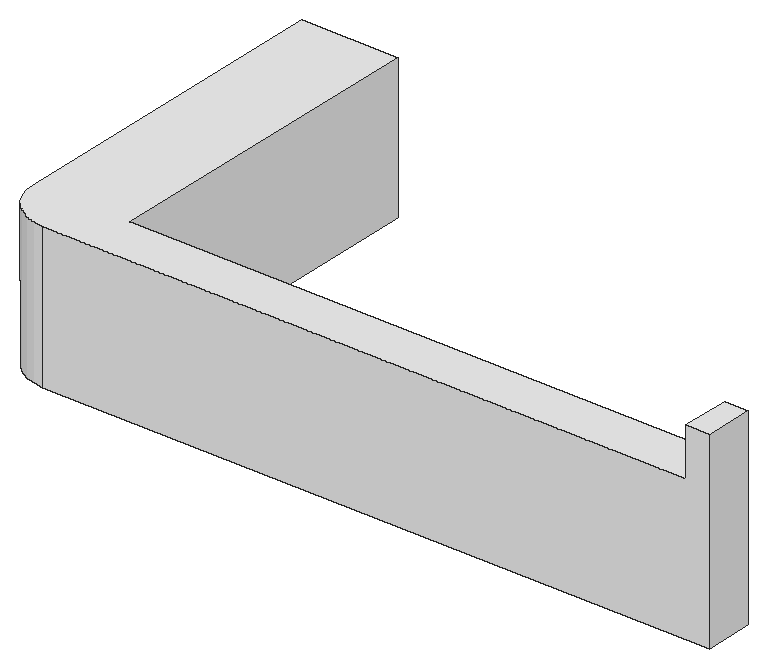
Revit family "Spec Equip_ToiletRollHolder_Argent_Mondrian Neu RH", category Specialty Equipment, Revit 2016
Family settings
  Part Type = Normal
  Round Connector Dimension = Use Diameter
  OmniClass Number = 23.40.20.21
  OmniClass Title = Toilet and Bath Specialties
  Work Plane-Based = No
  Always vertical = Yes
  Cut with Voids When Loaded = Yes
  Shared = No
  Room Calculation Point = No
Parameters (values of type "Right Hand Faced - Chrome")
  Waste Connection = no
  WFU = 0
  Vent Connection = no
  URL = "https://www.argentaust.com.au/"
  Type Comments = "Right Hand Faced - Chrome finish"
  ModifiedIssue_ANZRS = 20190503
  Model = "AR93686R"  # constant formula
  Manufacturer_URL__Product Specific = "https://www.argentaust.com.au/argent-accessories-toilet-roll-holders-mondrian-neu-toilet-roll-holder?item=9966"
  Manufacturer_Spec Code = Model  # "AR93686R"
  Manufacturer_Overall Width = 149 mm  # constant formula
  Manufacturer_Overall Height = 40 mm  # constant formula
  Manufacturer_Overall Depth = 80 mm  # constant formula
  Manufacturer_Height From FFL [instance] = 800 mm
  Manufacturer = "Argent"  # constant formula
  Keynote = ""
  HWFU = 0
  HW Connection = no
  Description = "Mondrian Neu RH Toilet Roll Holder"  # constant formula
  CreatedBy_ANZRS = "IGS BIM Solutions"  # constant formula
  CreatedByURL_ANZRS = "http://www.igsgroup.com.au"
  Cost = 0
  CWFU = 0
  CW Connection = no
  Body Material = z_Argent_Chrome
  Assembly Code = ""
Reference planes
  plane 1 "Ref. Level": z = 0
  plane 2 "Center (Left/Right)": x = -4.48
  plane 3 "Left": x = -78.98
  plane 4 "Right": x = 70.02
  plane 5 "Center (Front/Back)": y = -400.5
  plane 6 "Back": y = -360.5
  plane 7 "Bottom": z = 785
  plane 8 "Front": y = -440.5
  plane 9 "Top offset": z = 815
  plane 10 "Left Offset": x = -58.98
  plane 11 "Right Offset": x = 65.02
  plane 12 "Top": z = 825
  plane 13 "Center elevation": z = 800
Forms (mm)
  Extrusion 1, solid, material "z_Argent_Chrome" <- "Body Material"
    sketch origin (-189.564, -1524, 785) x (0, -1, 0) y (1, 0, 0)
      loop
        line (-1163.5, 110.584) -> (-1093.5, 110.584)
        arc (-1093.5, 110.584) -> (-1086.429, 113.513) -> (-1083.5, 120.584) r 10
        line (-1083.5, 120.584) -> (-1083.5, 130.584) -> (-1163.5, 130.584) -> (-1163.5, 110.584)
    from 0 to -30
  Extrusion 2, solid, material "z_Argent_Chrome" <- "Body Material"
    sketch origin (-189.564, -1524, 785) x (0, -1, 0) y (1, 0, 0)
      loop
        line (-1083.5, 254.584) -> (-1093.5, 254.584) -> (-1093.5, 130.584) -> (-1083.5, 130.584) -> (-1083.5, 254.584)
    from 0 to -30
  Extrusion 3, solid, material "z_Argent_Chrome" <- "Body Material"
    sketch origin (70.02, 100.249, 4000) x (0, 1, 0) y (0, 0, 1)
      loop
        line (-530.749, -3215) -> (-530.749, -3175) -> (-540.749, -3175) -> (-540.749, -3215) -> (-530.749, -3215)
    from 0 to -5
Cuts and joins
  joined: Extrusion 1, Extrusion 2, Extrusion 3
Lines and regions (mm)
  Masking region 1
    outline origin (0, 0, 815) x (0, 1, 0) y (-1, 0, 0)
      loop
        line (-360.5, 78.98) -> (-430.5, 78.98)
        arc (-430.5, 78.98) -> (-437.571, 76.051) -> (-440.5, 68.98) r 10
        line (-440.5, 68.98) -> (-440.5, -70.02) -> (-430.5, -70.02) -> (-430.5, 58.98) -> (-360.5, 58.98) -> (-360.5, 78.98)
  Masking region 2
    outline origin (0, -440.5, 0) x (0, 0, 1) y (-1, 0, 0)
      loop
        line (785, -70.02) -> (825, -70.02) -> (825, -65.02) -> (815, -65.02) -> (815, 78.98) -> (785, 78.98) -> (785, -70.02)
  Masking region 3
    outline origin (70.02, 0, 0) x (0, 1, 0) y (0, 0, 1)
      loop
        line (-360.5, 785) -> (-360.5, 815) -> (-430.5, 815) -> (-430.5, 825) -> (-440.5, 825) -> (-440.5, 785) -> (-360.5, 785)
  symbolic lines, style "Grab Rails", detail levels medium+fine
    curve 1: line (65.02, -430.5, 815) -> (65.02, -440.5, 815)
    curve 2: line (70.02, -430.5, 815) -> (70.02, -440.5, 815)
Text (mm)
  text "Disclaimer:\n\nDue to ongoing product development and manufacturing evolution, product details are subject to change without notice. Please refer to product technical data sheets on the manufacturer’s website for the most current product information. Please allow a +/- 5mm manufacturing tolerance for dimensions and set-outs shown in product literature." at (145.958, -314.392, 0), in view "Ref. Level_Instruction"
Dimensions and locks
  equal spacing: plane 3 "Left", plane 2 "Center (Left/Right)", plane 4 "Right"
  "Manufacturer_Overall Width": plane 3 "Left" to plane 4 "Right"
  "Manufacturer_Overall Depth": plane 8 "Front" to plane 6 "Back"
  equal spacing: plane 8 "Front", plane 5 "Center (Front/Back)", plane 6 "Back"
  locked: plane 3 "Left" to plane 10 "Left Offset" at 20
  locked: plane 11 "Right Offset" to plane 4 "Right" at 5
  locked: plane 9 "Top offset" to plane 7 "Bottom" at 30
  "Manufacturer_Overall Height": plane 12 "Top" to plane 7 "Bottom"
  plane 7 "Bottom" to plane 9 "Top offset" = 30 mm
  "Manufacturer_Height From FFL": plane 13 "Center elevation" to plane 1 "Ref. Level"
  equal spacing: plane 9 "Top offset", plane 13 "Center elevation", plane 7 "Bottom"
  aligned and locked: Extrusion 1 sketch curve to plane 3 "Left"
  aligned and locked: Extrusion 1 sketch curve to plane 10 "Left Offset"
  aligned and locked: Extrusion 1 sketch curve to plane 6 "Back"
  aligned and locked: Extrusion 1 sketch curve to plane 8 "Front"
  aligned and locked: Extrusion 1 to plane 9 "Top offset"
  aligned and locked: Extrusion 2 sketch curve to plane 8 "Front"
  aligned and locked: Extrusion 2 sketch curve to plane 10 "Left Offset"
  aligned and locked: plane 11 "Right Offset" to Extrusion 2 sketch curve
  aligned and locked: Extrusion 2 to plane 9 "Top offset"
  aligned and locked: plane 8 "Front" to Extrusion 3 sketch curve
  aligned and locked: plane 12 "Top" to Extrusion 3 sketch curve
  aligned and locked: plane 11 "Right Offset" to Extrusion 3
  aligned and locked: plane 3 "Left" to Masking region 1 sketch curve
  aligned and locked: plane 6 "Back" to Masking region 1 sketch curve
  aligned and locked: plane 10 "Left Offset" to Masking region 1 sketch curve
  aligned and locked: plane 4 "Right" to Masking region 1 sketch curve
  aligned and locked: plane 4 "Right" to Masking region 2 sketch curve
  aligned and locked: Masking region 2 sketch curve to plane 11 "Right Offset"
  aligned and locked: plane 12 "Top" to Masking region 2 sketch curve
  aligned and locked: plane 3 "Left" to Masking region 2 sketch curve
  aligned and locked: plane 6 "Back" to Masking region 3 sketch curve
  aligned and locked: Masking region 3 sketch curve to plane 7 "Bottom"
  aligned and locked: plane 9 "Top offset" to Masking region 3 sketch curve
  aligned and locked: plane 8 "Front" to Masking region 3 sketch curve
  aligned and locked: plane 12 "Top" to Masking region 3 sketch curve
Automatic sketch dimensions
  plane 8 "Front" to Extrusion 1 sketch curve = 10 mm
  plane 8 "Front" to curve 1 = 0 mm
  curve 1 to plane 11 "Right Offset" = 0 mm
  curve 1 to plane 8 "Front" = 10 mm
  Extrusion 3 sketch curve to plane 7 "Bottom" = 0 mm
  Extrusion 3 sketch curve to Extrusion 3 sketch curve = 10 mm
  plane 8 "Front" to Masking region 1 sketch curve = 0 mm
  Masking region 1 sketch curve to plane 8 "Front" = 10 mm
  Masking region 2 sketch curve to plane 7 "Bottom" = 0 mm
  Extrusion 2 sketch curve to Extrusion 2 sketch curve = 10 mm
  Masking region 3 sketch curve to Masking region 3 sketch curve = 10 mm
  Masking region 1 sketch curve to Masking region 1 sketch curve = 0 mm
  plane 9 "Top offset" to Masking region 2 sketch curve = 0 mm
  curve 2 to plane 8 "Front" = 0 mm
  plane 9 "Top offset" to curve 2 = 0 mm
  curve 2 to curve 2 = 10 mm
